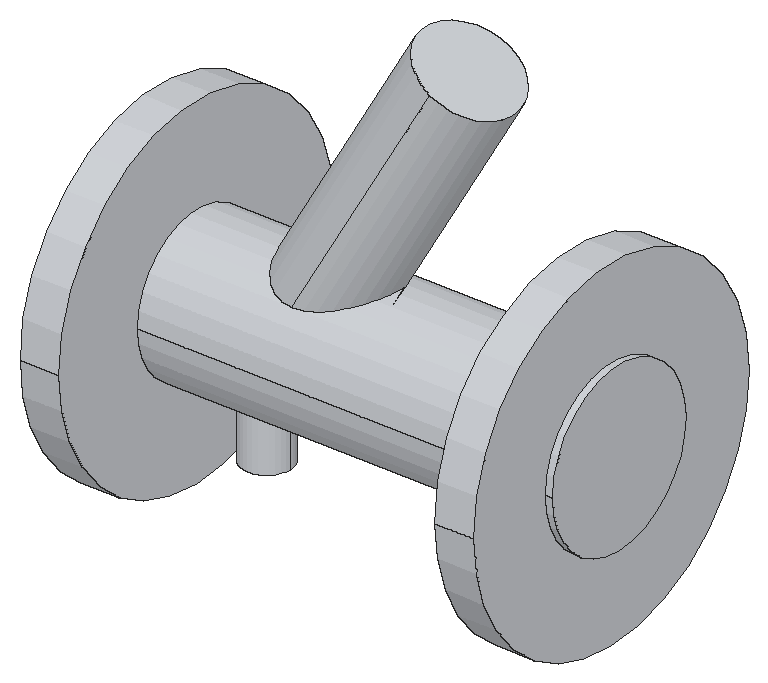
Revit family "HS 821-síto_standard-PN16-DN015-RFA_2018", category Pipe Accessories, Revit 2018
Family settings
  Round Connector Dimension = Use Diameter
  Part Type = Breaks Into
  Work Plane-Based = No
  Always vertical = Yes
  Cut with Voids When Loaded = No
  Shared = No
Parameters (values of type "821A-DN015-PN16-síto_standard")
  magiProductId = "a71bcfe8b393460598b23e8ddf7dc5"
  magiProductFamilyId = "79214ac3aaa945e397802f559f5c1e"
  magiPartTypeId = 307
  isMeasuringValve [instance] = no
  ang2D [instance] = 0.00°
  ZB__ve = -ZB  # -16.25 mm
  ZB1 = 18.63 mm
  ZB = 16.25 mm
  X2 = 46.982 mm
  X1 = 18.2 mm
  W2D = 15 mm
  VersionID = "2.0/2017.9.26.1/ZETKAMA_821_001"
  Use Minimum Symbol Size [instance] = yes
  URL = "www.hydronix.cz"
  Type Comments = "Filtr přírubový; síto standardní; A-PN16 (-10~300°C); D-PN25 (-10~350°C); F-PN40 (-10~400°C)"
  S = 46 mm
  QmdConnectorList = "301;D;302;D"
  Productdata [instance] = ""
  Manufacturer = "Hydronix"
  MC Product Code = "200 115 (821A; DN015; PN16; kvs6,3; oko síta 1,00mm)"
  LM1 = 10.4 mm
  LM = 104 mm
  L4 = 32.5 mm
  L2D_Min = 3048 mm
  L2D = 130 mm
  L2 = 65 mm
  HH2 = 81.375 mm
  FD = 95 mm
  Description = "Filtr přírubový; síto standardní; 821A-PN16; 821D-PN25; 821F-PN40"
  DM1 = 27.6 mm
  DM = 41.4 mm
  D = 15 mm
  CC = 2.21 mm
  CAT0 = yes
  C1 = 10.79 mm
  C = 13 mm
  BD = 13.041 mm
Types (40, lengths in mm): name | magiProductId | ZB__ve | ZB1 | ZB | X2 | X1 | S | MC Product Code | LM1 | LM | L4 | L2 | HH2 | FD | DM1 | DM | D | CC | C1 | C | BD
  821A-DN015-PN16-síto_standard | "a71bcfe8b393460598b23e8ddf7dc5" | -16.25 | 18.63 | 16.25 | 46.982 | 18.2 | 46 | "200 115 (821A; DN015; PN16; kvs6,3; oko síta 1,00mm)" | 10.4 | 104 | 32.5 | 65 | 81.375 | 95 | 27.6 | 41.4 | 15 | 2.21 | 10.79 | 13 | 13.041
  821A-DN020-PN16-síto_standard | "41cd6c7a12924f4991217528336076" | -17.75 | 22.68 | 17.75 | 51.673 | 21 | 56 | "200 120 (821A; DN020; PN16; kvs11,2; oko síta 1,00mm)" | 12 | 120 | 37.5 | 75 | 89.5 | 105 | 33.6 | 50.4 | 20 | 2.55 | 12.45 | 15 | 15.876
  821A-DN025-PN16-síto_standard | "be378b463ed14c3abf4c9b3ae8cf3a" | -19.25 | 26.325 | 19.25 | 58.601 | 22.4 | 65 | "200 125 (821A; DN025; PN16; kvs14,7; oko síta 1,00mm)" | 12.8 | 128 | 40 | 80 | 101.5 | 115 | 43.2 | 58.5 | 25 | 2.72 | 13.28 | 16 | 18.427
  821A-DN032-PN16-síto_standard | "227a0d18b21540afabe8b6067d35fa" | -23 | 30.78 | 23 | 68.849 | 25.2 | 76 | "200 132 (821A; DN032; PN16; kvs23,7; oko síta 1,00mm)" | 14.4 | 144 | 45 | 90 | 119.25 | 140 | 50.4 | 68.4 | 32 | 3.06 | 14.94 | 18 | 21.546
  821A-DN040-PN16-síto_standard | "d106917c74724141a10440112d0102" | -24.5 | 34.02 | 24.5 | 75.777 | 28 | 84 | "200 140 (821A; DN040; PN16; kvs37,7; oko síta 1,00mm)" | 16 | 160 | 50 | 100 | 131.25 | 150 | 60 | 75.6 | 40 | 3.4 | 16.6 | 20 | 23.814
  821A-DN050-PN16-síto_standard | "8255d456a09e4f6486734f5dd9171b" | -26.75 | 40.095 | 26.75 | 79.061 | 32.2 | 99 | "200 150 (821A; DN050 PN16; kvs57,9; oko síta 1,00mm)" | 18.4 | 184 | 57.5 | 115 | 136.938 | 165 | 73.8 | 89.1 | 50 | 3.91 | 19.09 | 23 | 28.066
  821A-DN065-PN16-síto_standard | "235b1b3e4c0843779a4d5e3716d40a" | -29.75 | 47.79 | 29.75 | 86.927 | 40.6 | 118 | "200 165 (821A; DN065; PN16; kvs101,5; oko síta 1,25mm)" | 23.2 | 232 | 72.5 | 145 | 150.562 | 185 | 94.2 | 106.2 | 65 | 4.93 | 24.07 | 29 | 33.453
  821A-DN080-PN16-síto_standard | "a067f7c5236348ed8c820d16df7214" | -32 | 53.46 | 32 | 104.753 | 43.4 | 132 | "200 180 (821A; DN080; PN16; kvs147,4; oko síta 1,25mm)" | 24.8 | 248 | 77.5 | 155 | 181.438 | 200 | 107.4 | 118.8 | 80 | 5.27 | 25.73 | 31 | 37.422
  821A-DN100-PN16-síto_standard | "c49a648c2747461285837d643703cd" | -35 | 63.18 | 35 | 114.857 | 49 | 156 | "200 190 (821A; DN100; PN16; kvs209,6; oko síta 1,60mm)" | 28 | 280 | 87.5 | 175 | 198.937 | 220 | 131.4 | 140.4 | 100 | 5.95 | 29.05 | 35 | 44.226
  821A-DN125-PN16-síto_standard | "bf68e728a163493cbd2a663b26ebdc" | -39.5 | 74.52 | 39.5 | 131.888 | 56 | 184 | "200 191 (821A; DN125; PN16; kvs326,2; oko síta 1,60mm)" | 32 | 320 | 100 | 200 | 228.438 | 250 | 165 | 165.6 | 125 | 6.8 | 33.2 | 40 | 52.164
  821A-DN150-PN16-síto_standard | "2de770284b654863ae6bc865769dc5" | -44.75 | 85.455 | 44.75 | 155.885 | 67.2 | 211 | "200 192 (821A; DN150; PN16; kvs403; oko síta 1,60mm)" | 38.4 | 384 | 120 | 240 | 270 | 285 | 192 | 189.9 | 150 | 8.16 | 39.84 | 48 | 59.818
  821A-DN200-PN16-síto_standard | "8e5693371ab64aabb29a7f08c76e15" | -53 | 107.73 | 53 | 188.361 | 84 | 266 | "200 193 (821A; DN200; PN16; kvs707; oko síta 1,60mm)" | 48 | 480 | 150 | 300 | 326.25 | 340 | 252 | 239.4 | 200 | 10.2 | 49.8 | 60 | 75.411
  821A-DN250-PN16-síto_standard | "05e37ed948c34047acdd4c42556504" | -62.75 | 129.195 | 62.75 | 255.911 | 102.2 | 319 | "200 194 (821A; DN250; PN16; kvs1234; oko síta 1,60mm)" | 58.4 | 584 | 182.5 | 365 | 443.25 | 405 | 309.6 | 287.1 | 250 | 12.41 | 60.59 | 73 | 90.436
  821A-DN300-PN16-síto_standard | "9ad0af747269428da925480d83ce80" | -71 | 149.85 | 71 | 325.914 | 119 | 370 | "200 195 (821A; DN300; PN16; kvs1916; oko síta 1,60mm)" | 68 | 680 | 212.5 | 425 | 564.5 | 460 | 369.6 | 333 | 300 | 14.45 | 70.55 | 85 | 104.895
  821A-DN350-PN16-síto_standard | "eebc71459bb3451bb4355e7951370a" | -80 | 173.745 | 80 | 356.875 | 137.2 | 429 | "200 196 (821A; DN350; PN16; kvs2621; oko síta 1,60mm)" | 78.4 | 784 | 245 | 490 | 618.125 | 520 | 438 | 386.1 | 350 | 16.66 | 81.34 | 98 | 121.621
  821A-DN400-PN16-síto_standard | "d2f677cb196647e385b2590e7d8abe" | -89 | 194.4 | 89 | 392.237 | 154 | 480 | "200 197 (821A; DN400; PN16; kvs3460; oko síta 1,60mm)" | 88 | 880 | 275 | 550 | 679.375 | 580 | 498 | 432 | 400 | 18.7 | 91.3 | 110 | 136.08
  821D-DN015-PN25-síto_standard | "27ddcbf555414f8ca1fde329bf9087" | -16.25 | 18.63 | 16.25 | 46.982 | 18.2 | 46 | "200 215 (821D; DN015; PN25; kvs6,3; oko síta 1,00mm)" | 10.4 | 104 | 32.5 | 65 | 81.375 | 95 | 27.6 | 41.4 | 15 | 2.21 | 10.79 | 13 | 13.041
  821D-DN020-PN25-síto_standard | "270e0f14012f47189cd0235c18faee" | -17.75 | 22.68 | 17.75 | 51.673 | 21 | 56 | "200 220 (821D; DN020; PN25; kvs11,2; oko síta 1,00mm)" | 12 | 120 | 37.5 | 75 | 89.5 | 105 | 33.6 | 50.4 | 20 | 2.55 | 12.45 | 15 | 15.876
  821D-DN025-PN25-síto_standard | "b9a7fb4aa36643878c637d8e1ab992" | -19.25 | 26.325 | 19.25 | 58.601 | 22.4 | 65 | "200 225 (821D; DN025; PN25; kvs14,7; oko síta 1,00mm)" | 12.8 | 128 | 40 | 80 | 101.5 | 115 | 43.2 | 58.5 | 25 | 2.72 | 13.28 | 16 | 18.427
  821D-DN032-PN25-síto_standard | "6be9a55c4e68400f94eec7e804204c" | -23 | 30.78 | 23 | 68.849 | 25.2 | 76 | "200 232 (821D; DN032; PN25; kvs23,7; oko síta 1,00mm)" | 14.4 | 144 | 45 | 90 | 119.25 | 140 | 50.4 | 68.4 | 32 | 3.06 | 14.94 | 18 | 21.546
  821D-DN040-PN25-síto_standard | "c54511bd7f584ec2984291479612cb" | -24.5 | 34.02 | 24.5 | 75.777 | 28 | 84 | "200 240 (821D; DN040; PN25; kvs37,7; oko síta 1,00mm)" | 16 | 160 | 50 | 100 | 131.25 | 150 | 60 | 75.6 | 40 | 3.4 | 16.6 | 20 | 23.814
  821D-DN050-PN25-síto_standard | "5483b1f596b04cd39b23a14a22c90e" | -26.75 | 40.095 | 26.75 | 79.061 | 32.2 | 99 | "200 250 (821D; DN050; PN25; kvs57,9; oko síta 1,00mm)" | 18.4 | 184 | 57.5 | 115 | 136.938 | 165 | 73.8 | 89.1 | 50 | 3.91 | 19.09 | 23 | 28.066
  821D-DN065-PN25-síto_standard | "767b0f8318e94750bc7a9930ed5b30" | -29.75 | 47.79 | 29.75 | 86.927 | 40.6 | 118 | "200 265 (821D; DN065; PN25; kvs101,5; oko síta 1,25mm)" | 23.2 | 232 | 72.5 | 145 | 150.562 | 185 | 94.2 | 106.2 | 65 | 4.93 | 24.07 | 29 | 33.453
  821D-DN080-PN25-síto_standard | "e21040fa3cc2404b858198f6b73709" | -32 | 53.46 | 32 | 104.753 | 43.4 | 132 | "200 280 (821D; DN080; PN25; kvs147,4; oko síta 1,25mm)" | 24.8 | 248 | 77.5 | 155 | 181.438 | 200 | 107.4 | 118.8 | 80 | 5.27 | 25.73 | 31 | 37.422
  821D-DN100-PN25-síto_standard | "175ca87a506b40b3bc6b82f12f33cf" | -37.25 | 63.18 | 37.25 | 114.857 | 49 | 156 | "200 290 (821D; DN100; PN25; kvs209,6; oko síta 1,60mm)" | 28 | 280 | 87.5 | 175 | 198.937 | 235 | 131.4 | 140.4 | 100 | 5.95 | 29.05 | 35 | 44.226
  821D-DN125-PN25-síto_standard | "77cc98d60da24855999a22dff726b2" | -42.5 | 74.52 | 42.5 | 131.888 | 56 | 184 | "200 291 (821D; DN125; PN25; kvs326,2; oko síta 1,60mm)" | 32 | 320 | 100 | 200 | 228.438 | 270 | 165 | 165.6 | 125 | 6.8 | 33.2 | 40 | 52.164
  821D-DN150-PN25-síto_standard | "9cf8acfcd15547d68e83172d3abcbe" | -47 | 85.455 | 47 | 155.885 | 67.2 | 211 | "200 292 (821D; DN150; PN25; kvs403; oko síta 1,60mm)" | 38.4 | 384 | 120 | 240 | 270 | 300 | 192 | 189.9 | 150 | 8.16 | 39.84 | 48 | 59.818
  821D-DN200-PN25-síto_standard | "16973f3c9ea14389ba8602495a6b64" | -56 | 110.97 | 56 | 188.361 | 84 | 274 | "200 293 (821D; DN200; PN25; kvs707; oko síta 1,60mm)" | 48 | 480 | 150 | 300 | 326.25 | 360 | 252 | 246.6 | 200 | 10.2 | 49.8 | 60 | 77.679
  821F-DN015-PN40-síto_standard | "4c7eaf3c4c0340888b3e684d8a8616" | -16.25 | 18.225 | 16.25 | 46.982 | 18.2 | 45 | "240 615 (821F; DN015; PN40; kvs6,3; oko síta 1,00mm)" | 10.4 | 104 | 32.5 | 65 | 81.375 | 95 | 27.6 | 40.5 | 15 | 2.21 | 10.79 | 13 | 12.757
  821F-DN020-PN40-síto_standard | "aaac5f1ec96b44d6ba96ac2293d66d" | -17.75 | 23.49 | 17.75 | 51.673 | 21 | 58 | "240 620 (821F; DN020; PN40; kvs11,2; oko síta 1,00mm)" | 12 | 120 | 37.5 | 75 | 89.5 | 105 | 33.6 | 52.2 | 20 | 2.55 | 12.45 | 15 | 16.443
  821F-DN025-PN40-síto_standard | "504768023968471481789485b54c7e" | -19.25 | 27.54 | 19.25 | 58.601 | 22.4 | 68 | "240 625 (821F; DN025; PN40; kvs14,7; oko síta 1,00mm)" | 12.8 | 128 | 40 | 80 | 101.5 | 115 | 43.2 | 61.2 | 25 | 2.72 | 13.28 | 16 | 19.278
  821F-DN032-PN40-síto_standard | "165e7f39cf744f329bdf1c400dad12" | -23 | 31.59 | 23 | 68.849 | 25.2 | 78 | "240 632 (821F; DN032; PN40; kvs23,7; oko síta 1,00mm)" | 14.4 | 144 | 45 | 90 | 119.25 | 140 | 50.4 | 70.2 | 32 | 3.06 | 14.94 | 18 | 22.113
  821F-DN040-PN40-síto_standard | "b8903f952089408fbf3a5a632bab1f" | -24.5 | 35.64 | 24.5 | 75.777 | 28 | 88 | "240 640 (821F; DN040; PN40; kvs37,7; oko síta 1,00mm)" | 16 | 160 | 50 | 100 | 131.25 | 150 | 60 | 79.2 | 40 | 3.4 | 16.6 | 20 | 24.948
  821F-DN050-PN40-síto_standard | "c451f97266fe48da8f879cb6a2bd44" | -26.75 | 41.31 | 26.75 | 79.061 | 32.2 | 102 | "240 650 (821F; DN050; PN40; kvs57,9; oko síta 1,00mm)" | 18.4 | 184 | 57.5 | 115 | 136.938 | 165 | 73.8 | 91.8 | 50 | 3.91 | 19.09 | 23 | 28.917
  821F-DN065-PN40-síto_standard | "dc9821e3f9b34e128f6a8c6b34c198" | -29.75 | 49.41 | 29.75 | 86.927 | 40.6 | 122 | "240 665 (821F; DN065; PN40; kvs101,5; oko síta 1,25mm)" | 23.2 | 232 | 72.5 | 145 | 150.562 | 185 | 94.2 | 109.8 | 65 | 4.93 | 24.07 | 29 | 34.587
  821F-DN080-PN40-síto_standard | "689aa1e260f84cf4994f027a1d86b5" | -32 | 55.89 | 32 | 104.753 | 43.4 | 138 | "240 680 (821F; DN080; PN40; kvs147,4; oko síta 1,25mm)" | 24.8 | 248 | 77.5 | 155 | 181.438 | 200 | 107.4 | 124.2 | 80 | 5.27 | 25.73 | 31 | 39.123
  821F-DN100-PN40-síto_standard | "8a45d4e8e2ab425f8c432f21d684f3" | -37.25 | 65.61 | 37.25 | 114.857 | 49 | 162 | "240 690 (821F; DN100; PN40; kvs209,6; oko síta 1,6mm)" | 28 | 280 | 87.5 | 175 | 198.937 | 235 | 131.4 | 145.8 | 100 | 5.95 | 29.05 | 35 | 45.927
  821F-DN125-PN40-síto_standard | "cf073904c006406b8645afa67ea2fc" | -42.5 | 76.14 | 42.5 | 131.888 | 56 | 188 | "240 691 (821F; DN125; PN40; kvs326,2; oko síta 1,6mm)" | 32 | 320 | 100 | 200 | 228.438 | 270 | 165 | 169.2 | 125 | 6.8 | 33.2 | 40 | 53.298
  821F-DN150-PN40-síto_standard | "0153b9ddabe14992a630484929fdbc" | -47 | 88.29 | 47 | 155.885 | 67.2 | 218 | "240 692 (821F; DN150; PN40; kvs403; oko síta 1,6mm)" | 38.4 | 384 | 120 | 240 | 270 | 300 | 192 | 196.2 | 150 | 8.16 | 39.84 | 48 | 61.803
  821F-DN200-PN40-síto_standard | "7fb3fc01dd8d42428c203e3f8dd4d5" | -56 | 115.425 | 56 | 188.361 | 84 | 285 | "240 693 (821F; DN200; PN40; kvs707; oko síta 1,6mm)" | 48 | 480 | 150 | 300 | 326.25 | 360 | 252 | 256.5 | 200 | 10.2 | 49.8 | 60 | 80.797
Reference planes
  plane 1 "Center (Front/Back)": y = 0
  plane 2 "XYPLANE": z = 0
  plane 3 "Center (Left/Right)": x = 0
  plane 4 "109": x = -41.6
  plane 5 "108": x = 52
  plane 6 "107": x = -52
  plane 7 "105": x = 65
  plane 8 "104": x = -65
  plane 9 "103": y = 0
  plane 10 "102": z = 0
  plane 11 "101": x = -62.79
  plane 12 "100": x = 62.79
  plane 13 "11": x = -23.4
  plane 14 "10": z = 81.375
  plane 15 "9": x = 23.582
  plane 16 "5": z = -18.63
  plane 17 "4": x = -32.5
  plane 18 "1": x = 32.5
Forms (mm)
  Extrusion 1, solid, visible <- "CAT0"
    sketch origin (-52, -750, 0) x (0, 1, 0) y (0, 0, 1)
      loop
        circle (750, 0) r 20.7
    from 0 to 104 <- "LM"
  Extrusion 2, solid
    sketch origin (-65, -750, 0) x (0, 1, 0) y (0, 0, 1)
      loop
        circle (750, 0) r 23
    from 0 to 2.21 <- "CC"
  Extrusion 3, solid
    sketch origin (-62.79, -750, 0) x (0, 1, 0) y (0, 0, 1)
      loop
        circle (750, 0) r 47.5
    from 0 to 10.79 <- "C1"
  Extrusion 4, solid
    sketch origin (52, -750, 0) x (0, 1, 0) y (0, 0, 1)
      loop
        circle (750, 0) r 47.5
    from 0 to 10.79 <- "C1"
  Extrusion 5, solid
    sketch origin (62.79, -750, 0) x (0, 1, 0) y (0, 0, 1)
      loop
        circle (750, 0) r 23
    from 0 to 2.21 <- "CC"
  Sweep 6, solid, visible <- "CAT0"
    path origin (750, 0, 0) x (-1, 0, 0) y (0, 0, 1)
      loop
        line (802, 0) -> (773.4, 0) -> (726.418, 81.375)
    profile origin (-52, 0, 0) x (0, 0, -1) y (0, 1, 0)
      loop
        circle (0, 0) r 13.8
  Extrusion 7, solid, visible <- "CAT0"
    sketch origin (-750, 0, -18.63) x (1, 0, 0) y (0, 1, 0)
      loop
        circle (717.5, 0) r 6.52
    from 0 to -16.25 <- "ZB__ve"
  Extrusion 8, solid, visible <- "CAT0"
    sketch origin (-750, 0, -18.63) x (1, 0, 0) y (0, 1, 0)
      loop
        circle (782.5, 0) r 6.52
    from 0 to -16.25 <- "ZB__ve"
  Extrusion 9, solid, not visible
    sketch origin (65, -750, 0) x (0, 1, 0) y (0, 0, 1)
      loop
        circle (750, 0) r 10
    from 0 to -10
  Extrusion 10, solid, not visible
    sketch origin (-65, -750, 0) x (0, 1, 0) y (0, 0, 1)
      loop
        circle (750, 0) r 10
    from 0 to 10
Lines and regions (mm)
  reference lines, not visible
    curve 1: circle (2, 2, 0) r 1 normal (0, 0, 1)
Dimensions and locks
  plane 1 "Center (Front/Back)" to curve 1 = 2 mm
  "LM1": plane 6 "107" to plane 4 "109"
  "LM": plane 6 "107" to plane 5 "108"
  "C": plane 8 "104" to plane 6 "107"
  "L2": plane 3 "Center (Left/Right)" to plane 7 "105"
  "L2": plane 3 "Center (Left/Right)" to plane 8 "104"
  locked: plane 1 "Center (Front/Back)" to plane 9 "103"
  locked: plane 2 "XYPLANE" to plane 10 "102"
  "CC": plane 8 "104" to plane 11 "101"
  "C1": plane 5 "108" to plane 12 "100"
  "X1": plane 4 "109" to plane 13 "11"
  "HH2": plane 2 "XYPLANE" to plane 14 "10"
  "X2": plane 13 "11" to plane 15 "9"
  "ZB1": plane 2 "XYPLANE" to plane 16 "5"
  "L4": plane 8 "104" to plane 17 "4"
  "L2": plane 17 "4" to plane 18 "1"
  Sweep 6 sketch curve to Sweep 6 sketch curve = 0 mm  (x2)
  "DM": diameter of Extrusion 1 sketch curve
  "S": diameter of Extrusion 2 sketch curve
  "FD": diameter of Extrusion 3 sketch curve
  "FD": diameter of Extrusion 4 sketch curve
  "S": diameter of Extrusion 5 sketch curve
  "DM1": diameter of Sweep 6 sketch curve
  "BD": diameter of Extrusion 7 sketch curve
  "BD": diameter of Extrusion 8 sketch curve
  aligned and locked: level to plane 2 "XYPLANE"
  aligned and locked: Extrusion 1 sketch curve to plane 9 "103"
  aligned and locked: plane 10 "102" to Extrusion 1 sketch curve
  aligned and locked: Extrusion 2 sketch curve to plane 9 "103"
  aligned and locked: plane 10 "102" to Extrusion 2 sketch curve
  aligned and locked: Extrusion 3 sketch curve to plane 9 "103"
  aligned and locked: plane 10 "102" to Extrusion 3 sketch curve
  aligned and locked: Extrusion 4 sketch curve to plane 9 "103"
  aligned and locked: plane 10 "102" to Extrusion 4 sketch curve
  aligned and locked: Extrusion 5 sketch curve to plane 9 "103"
  aligned and locked: plane 10 "102" to Extrusion 5 sketch curve
  aligned and locked: Sweep 6 sketch curve to plane 9 "103"
  aligned and locked: plane 10 "102" to Sweep 6 sketch curve  (x3)
  aligned and locked: plane 6 "107" to Sweep 6 sketch curve
  aligned and locked: plane 13 "11" to Sweep 6 sketch curve
  aligned and locked: plane 14 "10" to Sweep 6 sketch curve
  aligned and locked: plane 15 "9" to Sweep 6 sketch curve
  aligned and locked: plane 9 "103" to Extrusion 7 sketch curve
  aligned and locked: plane 17 "4" to Extrusion 7 sketch curve
  aligned and locked: plane 9 "103" to Extrusion 8 sketch curve
  aligned and locked: plane 18 "1" to Extrusion 8 sketch curve
  aligned and locked: Extrusion 9 sketch curve to plane 9 "103"
  aligned and locked: plane 10 "102" to Extrusion 9 sketch curve
  aligned and locked: Extrusion 10 sketch curve to plane 9 "103"
  aligned and locked: plane 10 "102" to Extrusion 10 sketch curve
Automatic sketch dimensions
  plane 1 "Center (Front/Back)" to Extrusion 9 sketch curve = 10 mm
  plane 1 "Center (Front/Back)" to Extrusion 10 sketch curve = 10 mm
  plane 3 "Center (Left/Right)" to curve 1 = 2 mm
  radius of curve 1 = 1 mm
Connectors
  piping at (-65, 0, 0), diameter 15, driven by "D"
    settings: on Extrusion 10, index 1, connector inside diameter 609.6 mm, connector length 0 mm, flow factor 0, pipe flow 0.0 L/s, pressure drop 0.0 Pa, fitting loss kfactor 0, connector angle 0.00°, fixture units 0, engagement length 0 mm, angle of deflection 0.00°, flow configuration 0, flow direction 0, fitting loss method 0, system type 29, joint type 0, gender type 0, connector reference index 2, connector utility 0, adjustable connector no, is connector primary yes, connector description ""
  piping at (65, 0, 0), diameter 15, driven by "D"
    settings: on Extrusion 9, index 2, connector inside diameter 609.6 mm, connector length 0 mm, flow factor 0, pipe flow 0.0 L/s, pressure drop 0.0 Pa, fitting loss kfactor 0, connector angle 0.00°, fixture units 0, engagement length 0 mm, angle of deflection 0.00°, flow configuration 0, flow direction 0, fitting loss method 0, system type 29, joint type 0, gender type 0, connector reference index 1, connector utility 0, adjustable connector no, is connector primary no, connector description ""
